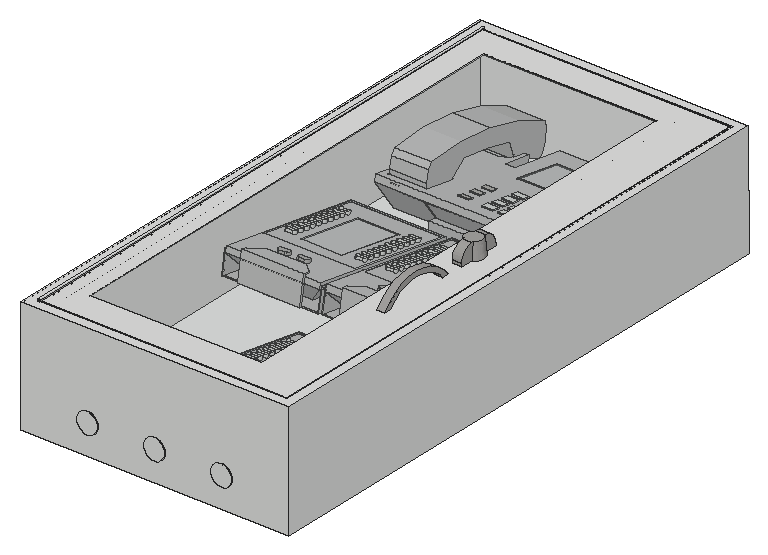
Revit family "Electronics_Communication_Talkaphone_AOR-120-Station-IP-Command-Unit", category Telephone Devices, host Face, Revit 2020
Family settings
  Host = Face
  Maintain Annotation Orientation = No
  Round Connector Dimension = Use Diameter
  Part Type = Normal
  OmniClass Number = 23.37.27.17
  OmniClass Title = Emergency Call Equipment
  Cut with Voids When Loaded = No
  Shared = No
  Room Calculation Point = No
Parameters (values of type "120-Station IP Command Unit")
  Wiring = "Minimum Cat5e. If required, fire resistive CI/CIC Ethernet cable is supported."
  Width = 14.00"  # constant formula
  Warranty = "5-year limited warranty"
  Voltage = 120 V  # constant formula
  URL = "https://www.talkaphone.com/"
  Supervision Relay = "IP Supervisor (Model AOR-IP-SUP) provides an SPST (Form 1A) output. UPS Supervisor (Model AOR-IP-UPS-SUP) provides a DPDT (Form C) output."
  Programming = "Programming and configuration through a web browser (web GUI). All programming is stored on non-volatile flash memory."
  Product data url = "https://www.bimobject.com/talkaphone/product/aor-ip-120-cu_area-of-rescue-120-station-ip-command-unit"
  Product Material = Talkaphone - Steel - White
  Product Guid = "dbafcfe0-156d-4e50-8b9a-a2d47005f49f"
  Power Source = "120VAC, 65W. IP Command Unit, IP Supervisor, and UPS Supervisor receive power from external UPS (120VAC)."
  Visible Door [instance] = yes
  Power Factor = 1
  Number of Poles = 1
  Mounting = "Flush mount with optional trim ring or surface mount"
  Model = "AOR-IP-120-CU"
  Manufacturer = "Talkaphone"  # constant formula
  Keynote = "27 30 00"
  Height = 30.00"  # constant formula
  Fault Monitoring = "IP Supervisor (Model AOR-IP-SUP) automatically and continuously monitors for network pathway integrity for the AOR IP Stations and IP Command Unit(s). UPS Supervisor (Model AOR-IP-UPS-SUP) automatically and continuously monitors the primary power source being supplied to the uninterruptible power supply (UPS) for an IP Supervisor and either an IP Command Unit or an IP Auxiliary Command Unit."
  Environment = "For indoor use"
  Edition number = 1
  Description = "THE AOR-IP SERIES IS AN IP-BASED SYSTEM ACCOMMODATING UP TO 120 ADA-COMPLIANT AREA OF RESCUE IP CALL STATIONS. THE SYSTEM OFFERS CAPABILITY FOR MULTIPLE IP COMMAND UNITS, ON-AND OFF-PREMISE COMMUNICATION, AND IP NETWORK SUPERVISION"
  Depth = 6.00"  # constant formula
  Default Elevation = 48.00"
  Construction = "18 gauge, painted steel enclosure with acrylic window"
  Connectivity = "Supports up to two (2) analog trunk (PSTN) lines or up to fifty (50) SIP trunk accounts (requires SIP service and Internet connectivity provided by others) for off-site communication"
  Connection = "RJ45 Ethernet"
  Communication = "IP Command Unit receives and selectively originates calls through built-in IP phone—providing an LCD and keys with LEDs to indicate IP Call Station line status (i.e. idle, ringing, or busy)."
  Call Station Options = "Indoor Flush Mount Model: AOR-IP-CSE-FM, Indoor Surface Mount Model: AOR-IP-CSE-SM"
  Assembly Code = "D5030300"
  Apparent Load = 0 VA
  AC Input Rating = "90 ~ 264 VAC, 50-60 Hz, 65W"
Reference planes (in)
  plane 1 "Center (Front/Back)": y = 0
  plane 2: z = 0
  plane 3 "Center (Left/Right)": x = 0
  plane 4: x = 7
  plane 5: x = -7
  plane 6: y = 15
  plane 7: y = -14.995
  plane 8: z = 0.54774
Forms (in)
  Extrusion 1, solid, material "Talkaphone - Steel - White" <- "Product Material"
    sketch origin (0, -5.00672, 0) x (-1, 0, 0) y (0, 0, -1)
      loop
        circle (3.5, -1.578) r 0.54578
      loop
        circle (0, -1.578) r 0.54578
      loop
        circle (-3.5, -1.578) r 0.54578
    from 9.952 to 10
  Extrusion 2, solid, material "Talkaphone - Steel - White" <- "Product Material"
    sketch origin (0, -12.58615, -9.95591) x (-1, 0, 0) y (0, -1, 0)
      loop
        circle (3.5, -1.578) r 0.54578
      loop
        circle (0, -1.578) r 0.54578
      loop
        circle (-3.5, -1.578) r 0.54578
    from 9.952 to 10
  Sweep 3, solid, material "Talkaphone - Steel - White" <- "Product Material"
    path origin (0, 0, 0) x (1, 0, 0) y (0, 1, 0)
      loop
        line (-7, 15) -> (-7, -15) -> (7, -15) -> (7, 15) -> (-7, 15)
    profile origin (0, 15, 0) x (0, 1, 0) y (0, 0, 1)
      loop
        line (-0.452, 5.503) -> (-0.452, 5.955) -> (-0.048, 5.955) -> (-0.048, 0) -> (0, 0) -> (0, 6.003) -> (-0.5, 6.003) -> (-0.5, 5.503) -> (-0.452, 5.503)
  Sweep 4, solid, material "Talkaphone - Steel - White" <- "Product Material"
    path origin (0, 0, 0) x (0, 1, 0) y (0, 0, 1)
      loop
        line (14.5, 5.373) -> (-14.5, 5.373)
    profile origin (0, 0, 5.373) x (0, 0, -1) y (1, 0, 0)
      loop
        line (-0.13, 6.5) -> (-0.048, 6.5) -> (-0.048, 5.998) -> (0, 5.998) -> (0, 6.548) -> (-0.13, 6.548) -> (-0.13, 6.5)
  Sweep 5, solid, material "Talkaphone - Steel - White" <- "Product Material", detail levels medium+fine
    path origin (0, 0, 0) x (0, 1, 0) y (0, 0, 1)
      loop
        line (14.5, 6.003) -> (-14.5, 6.003)
    profile origin (0, 0, 6.003) x (0, 0, -1) y (1, 0, 0)
      loop
        circle (-0.05093, -6.44306) r 0.05694
  Extrusion 6, solid, material "Talkaphone - Steel - White" <- "Product Material"
    sketch origin (0, 0, 0) x (1, 0, 0) y (0, 1, 0)
      loop
        line (-7, 15) -> (-7, -15) -> (7, -15) -> (7, 15) -> (-7, 15)
    from 0 to 0.59572
  Extrusion 7, solid, material "Talkaphone - Steel - White" <- "Product Material", detail levels medium+fine
    sketch origin (0, 0, 0) x (1, 0, 0) y (0, 1, 0)
      loop
        line (6.952, 11.825) -> (5.75, 11.825) -> (5.75, 8.875) -> (6.25523, 8.875) -> (6.25523, 8.325) -> (6.952, 8.325) -> (6.952, 11.825)
    from 1.25 to 3.75
  Extrusion 8, solid, material "Talkaphone - Plastic - Clear plastic", visible <- "Visible Door"
    sketch origin (-13.3426, -62.95536, 6.00398) x (-1, 0, 0) y (0, -1, 0)
      loop
        line (-7.58148, -76.76786) -> (-7.58148, -49.26786) -> (-17.83148, -49.26786) -> (-17.83148, -76.76786) -> (-7.58148, -76.76786)
    from -0.04 to -0.09
  Extrusion 9, solid, material "Talkaphone - Steel - White" <- "Product Material", visible <- "Visible Door"
    sketch origin (-13.3426, -62.95536, 6.00398) x (-1, 0, 0) y (0, -1, 0)
      loop
        line (-6.95648, -48.51786) -> (-19.80648, -48.51786) -> (-19.80648, -77.39286) -> (-6.95648, -77.39286) -> (-6.95648, -48.51786)
      loop
        line (-8.20648, -75.89286) -> (-8.20648, -50.14286) -> (-17.20648, -50.14286) -> (-17.20648, -75.89286) -> (-8.20648, -75.89286)
    from 0 to -0.04
  Revolve 10, solid, material "Talkaphone - Plastic - Grey_RAL 9007", visible <- "Visible Door", detail levels fine
    sketch origin (4.97748, 0.00002, 0) x (0, 1, 0) y (0, 0, 1)
      loop
        line (-0.375, 6.83745) -> (-0.375, 4.94278) -> (-0.15059, 4.94278) -> (-0.15059, 5.1398) -> (-0.00098, 5.1398) -> (-0.00098, 6.00398) -> (0.16657, 6.00398) -> (0.06842, 6.83745) -> (-0.375, 6.83745)
      axis (-0.375, 4.94278) -> (-0.375, 6.83745)
    angle from 0 to 360
  Sweep 11, solid, material "Talkaphone - Steel - White" <- "Product Material", visible <- "Visible Door"
    path origin (-13.3426, -62.95536, 6.00398) x (-1, 0, 0) y (0, -1, 0)
      loop
        line (-6.95648, -77.39286) -> (-6.95648, -48.51786) -> (-19.80648, -48.51786) -> (-19.80648, -77.39286) -> (-6.95648, -77.39286)
    profile origin (0.03888, 14.4375, 6.00398) x (0, 1, 0) y (0, 0, 1)
      loop
        line (-0.048, 0) -> (-0.048, -0.5) -> (0, -0.5) -> (0, 0) -> (-0.048, 0)
  Extrusion 12, solid, material "Talkaphone - Plastic - Grey_RAL 9007", visible <- "Visible Door", detail levels fine
    sketch origin (0, -2.95536, 0) x (0, 1, 0) y (0, 0, 1)
      loop
        line (1.48978, 6.00398) -> (3.67097, 6.00398) -> (3.67097, 6.12912)
        arc (3.67097, 6.12912) -> (3.48481, 6.60885) -> (3.0238, 6.83745) r 0.71121
        line (3.0238, 6.83745) -> (2.13696, 6.83745)
        arc (2.13696, 6.83745) -> (1.67594, 6.60885) -> (1.48978, 6.12912) r 0.71121
        line (1.48978, 6.12912) -> (1.48978, 6.00398)
    from 4.7338 to 5.22872
  Extrusion 13, solid, material "Talkaphone - Plastic - Grey_RAL 9007", visible <- "Visible Door", detail levels fine
    sketch origin (-13.3426, -62.95536, 6.00398) x (-1, 0, 0) y (0, -1, 0)
      loop
        line (-20.10977, -62.98386) -> (-18.68983, -62.98386) -> (-18.29142, -62.95329)
        arc (-18.29142, -62.95329) -> (-17.94606, -62.58036) -> (-18.29146, -62.20746) r 0.37402
        line (-18.29146, -62.20746) -> (-18.68983, -62.17689) -> (-20.10977, -62.17689) -> (-20.10977, -62.98386)
    from -0.86417 to -0.70669
  Extrusion 14, solid, material "Talkaphone - Plastic - Grey_RAL 9007", visible <- "Visible Door", detail levels fine
    sketch origin (0, -2.95536, 0) x (0, 1, 0) y (0, 0, 1)
      loop
        line (-3.50691, 6.00194) -> (-3.17594, 6.00194)
        arc (-3.17594, 6.00194) -> (-1.42923, 6.80339) -> (0.31747, 6.00194) r 2.30414
        line (0.31747, 6.00194) -> (0.64844, 6.00194)
        arc (0.64844, 6.00194) -> (-1.42923, 7.06339) -> (-3.50691, 6.00194) r 2.56414
    from 4.78629 to 5.18536
Cuts and joins
  joined: Revolve 10, Extrusion 12
  joined: Extrusion 9, Sweep 11
  joined: Sweep 3, Extrusion 6
Lines and regions (in)
  Masking region 1
    outline origin (0, 0, 0) x (1, 0, 0) y (0, 0, 1)
      loop
        line (-7, 6.003) -> (-7, 0) -> (7, 0) -> (7, 6.003) -> (-7, 6.003)
  Masking region 2, visible <- "Visible Door", detail levels medium+fine
    outline origin (0, 0, 0) x (1, 0, 0) y (0, 0, 1)
      loop
        line (4.78629, 6.003) -> (5.18536, 6.003) -> (5.18536, 7.06339) -> (4.78629, 7.06339) -> (4.78629, 6.003)
  Masking region 3, visible <- "Visible Door", detail levels medium+fine
    outline origin (0, 0, 0) x (1, 0, 0) y (0, 0, 1)
      loop
        line (4.78629, 6.83858) -> (4.53475, 6.83858) -> (4.4249, 6.003) -> (4.78629, 6.003) -> (4.78629, 6.83858)
      loop
        line (5.18536, 6.83858) -> (5.18536, 6.003) -> (5.54441, 6.003) -> (5.43456, 6.83858) -> (5.18536, 6.83858)
Dimensions and locks (in)
  equal spacing: plane 5, plane 3 "Center (Left/Right)", plane 4
  locked: plane 5 to plane 4 at 14
  plane 6 to plane 1 "Center (Front/Back)" to plane 7 = 15.00" locked, 14.995" locked
  Sweep 3 sketch curve to Sweep 3 sketch curve to Sweep 3 sketch curve = 0.048" locked, 0.452" locked
  Sweep 3 sketch curve to Sweep 3 sketch curve to Sweep 3 sketch curve = 0.404" locked, 0.048" locked
  Sweep 4 sketch curve to Sweep 4 sketch curve to profile plane = 0.082" locked, 0.048" locked
  Sweep 4 sketch curve to Sweep 4 sketch curve to Sweep 4 sketch curve = 0.048" locked, 0.502" locked
  aligned and locked: plane 2 to host face
  aligned and locked: level to host face
  aligned and locked: plane 2 to Masking region 1 sketch curve
  aligned and locked: plane 5 to Masking region 1 sketch curve
  aligned and locked: Masking region 1 sketch curve to plane 4
  aligned and locked: Sweep 4 sketch curve to profile plane
Automatic sketch dimensions
  host sketch curve to host sketch curve = 96.00"  (x2)
  plane 8 to Masking region 1 sketch curve = 5.45526"
  Extrusion 1 sketch curve to plane 3 "Center (Left/Right)" = 0.00"
  Extrusion 1 sketch curve to plane 3 "Center (Left/Right)" = 3.50"
  Extrusion 1 sketch curve to Extrusion 1 sketch curve = 3.50"
  Extrusion 1 sketch curve to plane 8 = 1.03026"
  Extrusion 1 sketch curve to Extrusion 1 sketch curve = 0.00"  (x2)
  Extrusion 2 sketch curve to plane 3 "Center (Left/Right)" = 0.00"
  plane 3 "Center (Left/Right)" to Extrusion 2 sketch curve = 3.50"
  Extrusion 2 sketch curve to Extrusion 2 sketch curve = 3.50"
  plane 7 to Extrusion 2 sketch curve = 3.98685"
  Extrusion 2 sketch curve to Extrusion 2 sketch curve = 0.00"  (x2)
  Sweep 3 sketch curve to plane 5 = 0.00"
  Sweep 3 sketch curve to plane 4 = 0.00"
  Sweep 3 sketch curve to plane 6 = 0.00"
  Sweep 3 sketch curve to plane 7 = 0.005"
  Sweep 3 sketch curve to profile plane = 0.00"  (x2)
  Sweep 3 sketch curve to Sweep 3 sketch curve = 0.048"
  profile plane to Sweep 3 sketch curve = 5.503"
  plane 7 to Sweep 4 sketch curve = 0.495"
  plane 8 to Sweep 4 sketch curve = 4.82526"
  Sweep 4 sketch curve to plane 6 = 0.50"
  profile plane to Sweep 4 sketch curve = 5.998"
  plane 7 to Sweep 5 sketch curve = 0.495"
  plane 8 to Sweep 5 sketch curve = 5.45526"
  Sweep 5 sketch curve to plane 6 = 0.50"
  profile plane to Sweep 5 sketch curve = 0.05093"
  Sweep 5 sketch curve to profile plane = 6.44306"
  Extrusion 6 sketch curve to plane 5 = 0.00"
  Extrusion 6 sketch curve to plane 4 = 0.00"
  Extrusion 6 sketch curve to plane 6 = 0.00"
  Extrusion 6 sketch curve to plane 7 = 0.005"
  Extrusion 7 sketch curve to plane 4 = 1.25"
  Extrusion 7 sketch curve to Extrusion 7 sketch curve = 0.50523"
  Extrusion 7 sketch curve to plane 4 = 0.048"
  Extrusion 7 sketch curve to plane 6 = 6.675"
  Extrusion 7 sketch curve to Extrusion 7 sketch curve = 0.55"
  Extrusion 7 sketch curve to Extrusion 7 sketch curve = 2.95"
  Extrusion 8 sketch curve to plane 4 = 2.51112"
  plane 5 to Extrusion 8 sketch curve = 1.23888"
  Extrusion 8 sketch curve to plane 6 = 1.1875"
  plane 7 to Extrusion 8 sketch curve = 1.3075"
  Extrusion 9 sketch curve to plane 4 = 0.53612"
  Extrusion 9 sketch curve to plane 6 = 2.0625"
  Extrusion 9 sketch curve to Extrusion 9 sketch curve = 2.60"
  plane 5 to Extrusion 9 sketch curve = 1.86388"
  plane 5 to Extrusion 9 sketch curve = 0.61388"
  Extrusion 9 sketch curve to Extrusion 9 sketch curve = 1.50"
  plane 7 to Extrusion 9 sketch curve = 2.1825"
  Extrusion 9 sketch curve to Extrusion 9 sketch curve = 1.625"
  level to Revolve 10 sketch curve = 6.00398"
  plane 8 to Revolve 10 sketch curve = 6.28971"
  plane 1 "Center (Front/Back)" to Revolve 10 sketch curve = 0.37498"
  Revolve 10 sketch curve to Revolve 10 sketch curve = 0.22441"
  Revolve 10 sketch curve to Revolve 10 sketch curve = 0.14961"
  Revolve 10 sketch curve to Revolve 10 sketch curve = 0.44342"
  Revolve 10 sketch curve to Revolve 10 sketch curve = 0.16755"
  Revolve 10 sketch curve to Revolve 10 sketch curve = 0.86417"
  Revolve 10 sketch curve to Revolve 10 sketch curve = 0.19702"
  level to Revolve 10 sketch curve = 6.08523"
  Revolve 10 sketch curve to Revolve 10 sketch curve = 0.37402"
  plane 8 to Revolve 10 sketch curve = 5.89072"
  Sweep 11 sketch curve to plane 4 = 0.53612"
  plane 5 to Sweep 11 sketch curve = 0.61388"
  Sweep 11 sketch curve to plane 6 = 0.5625"
  plane 7 to Sweep 11 sketch curve = 0.5575"
  Sweep 11 sketch curve to profile plane = 0.00"  (x2)
  Sweep 11 sketch curve to Sweep 11 sketch curve = 0.048"
  Sweep 11 sketch curve to Sweep 11 sketch curve = 0.50"
  level to Extrusion 12 sketch curve = 6.00398"
  level to Extrusion 12 sketch curve = 6.12912"  (x2)
  plane 1 "Center (Front/Back)" to Extrusion 12 sketch curve = 1.46557"
  plane 8 to Extrusion 12 sketch curve = 6.28971"
  Extrusion 12 sketch curve to Extrusion 12 sketch curve = 0.64717"
  Extrusion 12 sketch curve to Extrusion 12 sketch curve = 0.75876"
  Extrusion 12 sketch curve to Extrusion 12 sketch curve = 0.06404"
  Extrusion 13 sketch curve to plane 4 = 0.23283"
  Extrusion 13 sketch curve to Extrusion 13 sketch curve = 1.41994"
  Extrusion 13 sketch curve to Extrusion 13 sketch curve = 0.00"
  Extrusion 13 sketch curve to Extrusion 13 sketch curve = 0.36975"
  Extrusion 13 sketch curve to Extrusion 13 sketch curve = 0.02861"  (x2)
  Extrusion 13 sketch curve to plane 1 "Center (Front/Back)" = 0.02851"
  Extrusion 13 sketch curve to Extrusion 13 sketch curve = 0.40348"
  Extrusion 13 sketch curve to Extrusion 13 sketch curve = 0.37292"
  Extrusion 13 sketch curve to Extrusion 13 sketch curve = 0.80697"
  Extrusion 13 sketch curve to Extrusion 13 sketch curve = 0.00004"
  Extrusion 14 sketch curve to Extrusion 14 sketch curve = 0.00"  (x2)
  level to Extrusion 14 sketch curve = 6.00194"  (x2)
  plane 1 "Center (Front/Back)" to Extrusion 14 sketch curve = 6.46226"
  Extrusion 14 sketch curve to Extrusion 14 sketch curve = 0.33097"
  plane 1 "Center (Front/Back)" to Extrusion 14 sketch curve = 4.38459"
  level to Extrusion 14 sketch curve = 4.49924"
  Masking region 2 sketch curve to plane 4 = 2.21371"
  Masking region 2 sketch curve to Masking region 2 sketch curve = 0.39907"
  plane 8 to Masking region 2 sketch curve = 5.45526"
  Masking region 2 sketch curve to Masking region 2 sketch curve = 1.06039"
  Masking region 3 sketch curve to plane 4 = 2.5751"
  Masking region 3 sketch curve to Masking region 3 sketch curve = 0.10985"
  Masking region 3 sketch curve to Masking region 3 sketch curve = 0.36139"
  Masking region 3 sketch curve to Masking region 3 sketch curve = 0.39907"
  Masking region 3 sketch curve to Masking region 3 sketch curve = 0.2492"
  Masking region 3 sketch curve to Masking region 3 sketch curve = 0.35905"
  plane 8 to Masking region 3 sketch curve = 5.45526"
  Masking region 3 sketch curve to Masking region 3 sketch curve = 0.00"  (x2)
  Masking region 3 sketch curve to Masking region 3 sketch curve = 0.83558"
  radius of Extrusion 1 sketch curve = 0.54578"  (x3)
  radius of Extrusion 2 sketch curve = 0.54578"  (x3)
  radius of Sweep 5 sketch curve = 0.05694"
Nested families (in)
  nested 1: "Panel" at (2.00219, 0.25658, 0.59572), type "Panel"
    with Screen material Talkaphone - Plastic - Clear plastic, Panel box material Talkaphone - Plastic - Grey_RAL 9006, Key 2 material Talkaphone - Plastic - Grey_RAL 9007, Key 1 material Talkaphone - Plastic - Grey_RAL 7035, Frame material Talkaphone - Plastic - Grey_RAL 9006
  nested 2: "Phone" at (-0.09398, 9.63829, 0.59572), type "Phone"
    with Screen material Talkaphone - Plastic - Clear plastic, Phone material Talkaphone - Plastic - Grey_RAL 9006, Key 2 material Talkaphone - Plastic - Grey_RAL 9007, Key 1 material Talkaphone - Plastic - Grey_RAL 7035
  nested 3: "Panel" at (-3.25, 0.25658, 0.54847), type "Panel"
    with Screen material Talkaphone - Plastic - Clear plastic, Panel box material Talkaphone - Plastic - Grey_RAL 9006, Key 2 material Talkaphone - Plastic - Grey_RAL 9007, Key 1 material Talkaphone - Plastic - Grey_RAL 7035, Frame material Talkaphone - Plastic - Grey_RAL 9006
  nested 4: "Panel" at (2.00219, -9.74289, 0.60372), type "Panel"
    with Screen material Talkaphone - Plastic - Clear plastic, Panel box material Talkaphone - Plastic - Grey_RAL 9006, Key 2 material Talkaphone - Plastic - Grey_RAL 9007, Key 1 material Talkaphone - Plastic - Grey_RAL 7035, Frame material Talkaphone - Plastic - Grey_RAL 9006
Connectors (in)
  electrical at (0.59055, 8.33052, 0.59572)
    settings: on nested 2, index 3, voltage 0 V, apparent load 0 VA, apparent load phase1 0 VA, apparent load phase2 0 VA, apparent load phase3 0 VA, power factor 1, load classification "Other", number of poles 1, system type 14, power factor state 1, is connector primary no, connector utility no, sub classification motor no, connector description "Communication Connector"
  electrical at (0, 0, 0), driven by "Apparent Load", driven by "Apparent Load", driven by "Apparent Load", driven by "Number of Poles", driven by "Voltage", driven by "Power Factor"
    settings: on cut or joined group of Sweep 3, Extrusion 6, index 4, voltage 120 V, apparent load 0 VA, apparent load phase1 0 VA, apparent load phase2 0 VA, apparent load phase3 0 VA, power factor 1, load classification "Power", number of poles 1, system type 31, power factor state 1, is connector primary yes, connector utility no, sub classification motor no, connector description "Power Connector"
Definition of nested family "Panel"
  Parameters (values of type "Panel")
    Screen material [instance] = none
    Panel box material [instance] = none
    Key 2 material [instance] = none
    Key 1 material [instance] = none
    Frame material [instance] = none
    Default Elevation = 48.00"
  Reference planes (in)
    plane 1 "Center (Front/Back)": y = 0
    plane 2: z = 0
    plane 3 "Center (Left/Right)": x = 0
  Forms (in)
    Extrusion 1, solid, material <- "Panel box material", detail levels medium+fine
      sketch origin (-15.87299, 8.07746, -6.96779) x (1, 0, 0) y (0, 0.985055, -0.17224)
        loop
          line (18.33362, -4.83883) -> (13.41236, -4.83883) -> (13.41236, -13.10654) -> (18.33362, -13.10654) -> (18.33362, -4.83883)
      from 7.83742 to 8.17526
    Blend 2, solid, material <- "Panel box material", detail levels medium+fine
      base sketch origin (-15.87299, 8.07746, -6.96779) x (1, 0, 0) y (0, 0.985055, -0.17224)
        loop
          line (14.39661, -5.82308) -> (14.39661, -12.12229) -> (17.34937, -12.12229) -> (17.34937, -5.82308) -> (14.39661, -5.82308)
      top sketch origin (-15.87299, 8.07746, -6.96779) x (1, 0, 0) y (0, 0.985055, -0.17224)
        loop
          line (18.33362, -4.83883) -> (13.41236, -4.83883) -> (13.41236, -13.10654) -> (18.33362, -13.10654) -> (18.33362, -4.83883)
      from 6.85997 to 7.83742
    Extrusion 3, void
      sketch origin (-15.87299, 8.07746, -6.96779) x (1, 0, 0) y (0, 0.985055, -0.17224)
        loop
          line (13.47142, -10.73521) -> (18.27457, -10.73521) -> (18.27457, -4.90844) -> (13.47142, -4.90844) -> (13.47142, -10.73521)
      from 8.13715 to 8.26759
    Extrusion 4, solid, material <- "Key 2 material", detail levels fine
      sketch origin (-15.87299, 8.07746, -6.96779) x (1, 0, 0) y (0, 0.985055, -0.17224)
        loop
          line (15.51118, -11.5908) -> (15.21118, -11.5908)
          arc (15.21118, -11.5908) -> (15.0537, -11.74828) -> (15.21118, -11.90576) r 0.15748
          line (15.21118, -11.90576) -> (15.51118, -11.90576)
          arc (15.51118, -11.90576) -> (15.66866, -11.74828) -> (15.51118, -11.5908) r 0.15748
        loop
          line (16.2348, -11.90576) -> (16.5348, -11.90576)
          arc (16.5348, -11.90576) -> (16.69228, -11.74828) -> (16.5348, -11.5908) r 0.15748
          line (16.5348, -11.5908) -> (16.2348, -11.5908)
          arc (16.2348, -11.5908) -> (16.07732, -11.74828) -> (16.2348, -11.90576) r 0.15748
      from 8.17652 to 8.30152
    Extrusion 5, void
      sketch origin (-15.87299, 8.07746, -6.96779) x (1, 0, 0) y (0, 0.985055, -0.17224)
        loop
          line (14.79031, -6.13804) -> (14.79031, -9.91773) -> (16.95567, -9.91773) -> (16.95567, -6.13804) -> (14.79031, -6.13804)
      from 8.11672 to 8.26215
    Extrusion 6, solid, material <- "Frame material", detail levels medium+fine
      sketch origin (-15.87299, 8.07746, -6.96779) x (1, 0, 0) y (0, 0.985055, -0.17224)
        loop
          line (14.74799, -11.40454) -> (16.99799, -11.40454) -> (16.99799, -8.40454) -> (14.74799, -8.40454) -> (14.74799, -11.40454)
        loop
          line (18.37299, -13.07654) -> (18.37299, -10.32654) -> (17.49799, -10.32654) -> (17.49799, -10.15559) -> (17.44999, -10.15559) -> (17.44999, -5.65454) -> (14.29599, -5.65454) -> (14.29599, -10.15559) -> (14.24799, -10.15559) -> (14.24799, -10.32654) -> (13.37299, -10.32654) -> (13.37299, -13.07654) -> (18.37299, -13.07654)
      from 6.80962 to 6.85762
    Extrusion 7, solid, material <- "Frame material", detail levels medium+fine
      sketch origin (-15.87299, 8.07746, -6.96779) x (0, 0.985055, -0.17224) y (0, 0.17224, 0.985055)
        loop
          line (-13.15454, 8.30962) -> (-13.15454, 6.80962) -> (-13.10654, 6.80962) -> (-13.10654, 8.26162) -> (-12.27954, 8.26162) -> (-12.27954, 8.30962) -> (-13.15454, 8.30962)
      from 14.24799 to 17.49799
    Extrusion 8, void
      sketch origin (-15.87299, 8.07746, -6.96779) x (1, 0, 0) y (0, 0.985055, -0.17224)
        loop
          line (14.20562, -12.91373) -> (14.88988, -12.22946) -> (16.8561, -12.22946) -> (17.55207, -12.92543) -> (17.55207, -12.13803) -> (14.20562, -12.13803) -> (14.20562, -12.91373)
      from 8.22357 to 8.34912
    Extrusion 9, solid, material <- "Frame material", detail levels medium+fine
      sketch origin (15.87299, 8.07746, -6.96779) x (-1, 0, 0) y (0, -0.17224, -0.985055)
        loop
          line (18.42099, -8.05962) -> (18.42099, -6.80962) -> (18.37299, -6.80962) -> (18.37299, -8.05962) -> (18.42099, -8.05962)
      from 13.07654 to 10.32654
    Extrusion 10, solid, material <- "Key 1 material", detail levels fine
      sketch origin (-15.87299, 8.07896, -6.96826) x (1, 0, 0) y (0, 0.985049, -0.172273)
        loop
          line (14.21728, -5.97898) -> (13.86728, -5.97898)
          arc (13.86728, -5.97898) -> (13.76728, -6.07898) -> (13.86728, -6.17898) r 0.1
          line (13.86728, -6.17898) -> (14.21728, -6.17898)
          arc (14.21728, -6.17898) -> (14.31728, -6.07898) -> (14.21728, -5.97898) r 0.1
        loop
          line (14.21728, -6.37269) -> (13.86728, -6.37269)
          arc (13.86728, -6.37269) -> (13.76728, -6.47269) -> (13.86728, -6.57269) r 0.1
          line (13.86728, -6.57269) -> (14.21728, -6.57269)
          arc (14.21728, -6.57269) -> (14.31728, -6.47269) -> (14.21728, -6.37269) r 0.1
        loop
          line (14.21728, -6.76639) -> (13.86728, -6.76639)
          arc (13.86728, -6.76639) -> (13.76728, -6.86639) -> (13.86728, -6.96639) r 0.1
          line (13.86728, -6.96639) -> (14.21728, -6.96639)
          arc (14.21728, -6.96639) -> (14.31728, -6.86639) -> (14.21728, -6.76639) r 0.1
        loop
          line (14.21728, -7.16009) -> (13.86728, -7.16009)
          arc (13.86728, -7.16009) -> (13.76728, -7.26009) -> (13.86728, -7.36009) r 0.1
          line (13.86728, -7.36009) -> (14.21728, -7.36009)
          arc (14.21728, -7.36009) -> (14.31728, -7.26009) -> (14.21728, -7.16009) r 0.1
        loop
          line (14.21728, -7.55379) -> (13.86728, -7.55379)
          arc (13.86728, -7.55379) -> (13.76728, -7.65379) -> (13.86728, -7.75379) r 0.1
          line (13.86728, -7.75379) -> (14.21728, -7.75379)
          arc (14.21728, -7.75379) -> (14.31728, -7.65379) -> (14.21728, -7.55379) r 0.1
        loop
          line (14.21728, -7.94749) -> (13.86728, -7.94749)
          arc (13.86728, -7.94749) -> (13.76728, -8.04749) -> (13.86728, -8.14749) r 0.1
          line (13.86728, -8.14749) -> (14.21728, -8.14749)
          arc (14.21728, -8.14749) -> (14.31728, -8.04749) -> (14.21728, -7.94749) r 0.1
        loop
          line (14.21728, -8.34119) -> (13.86728, -8.34119)
          arc (13.86728, -8.34119) -> (13.76728, -8.44119) -> (13.86728, -8.54119) r 0.1
          line (13.86728, -8.54119) -> (14.21728, -8.54119)
          arc (14.21728, -8.54119) -> (14.31728, -8.44119) -> (14.21728, -8.34119) r 0.1
        loop
          line (14.21728, -8.73489) -> (13.86728, -8.73489)
          arc (13.86728, -8.73489) -> (13.76728, -8.83489) -> (13.86728, -8.93489) r 0.1
          line (13.86728, -8.93489) -> (14.21728, -8.93489)
          arc (14.21728, -8.93489) -> (14.31728, -8.83489) -> (14.21728, -8.73489) r 0.1
        loop
          line (14.21728, -9.12859) -> (13.86728, -9.12859)
          arc (13.86728, -9.12859) -> (13.76728, -9.22859) -> (13.86728, -9.32859) r 0.1
          line (13.86728, -9.32859) -> (14.21728, -9.32859)
          arc (14.21728, -9.32859) -> (14.31728, -9.22859) -> (14.21728, -9.12859) r 0.1
        loop
          line (14.21728, -9.52229) -> (13.86728, -9.52229)
          arc (13.86728, -9.52229) -> (13.76728, -9.62229) -> (13.86728, -9.72229) r 0.1
          line (13.86728, -9.72229) -> (14.21728, -9.72229)
          arc (14.21728, -9.72229) -> (14.31728, -9.62229) -> (14.21728, -9.52229) r 0.1
        loop
          line (17.86999, -5.97898) -> (17.51999, -5.97898)
          arc (17.51999, -5.97898) -> (17.41999, -6.07898) -> (17.51999, -6.17898) r 0.1
          line (17.51999, -6.17898) -> (17.86999, -6.17898)
          arc (17.86999, -6.17898) -> (17.96999, -6.07898) -> (17.86999, -5.97898) r 0.1
        loop
          line (17.86999, -6.37269) -> (17.51999, -6.37269)
          arc (17.51999, -6.37269) -> (17.41999, -6.47269) -> (17.51999, -6.57269) r 0.1
          line (17.51999, -6.57269) -> (17.86999, -6.57269)
          arc (17.86999, -6.57269) -> (17.96999, -6.47269) -> (17.86999, -6.37269) r 0.1
        loop
          line (17.86999, -6.76639) -> (17.51999, -6.76639)
          arc (17.51999, -6.76639) -> (17.41999, -6.86639) -> (17.51999, -6.96639) r 0.1
          line (17.51999, -6.96639) -> (17.86999, -6.96639)
          arc (17.86999, -6.96639) -> (17.96999, -6.86639) -> (17.86999, -6.76639) r 0.1
        loop
          line (17.86999, -7.16009) -> (17.51999, -7.16009)
          arc (17.51999, -7.16009) -> (17.41999, -7.26009) -> (17.51999, -7.36009) r 0.1
          line (17.51999, -7.36009) -> (17.86999, -7.36009)
          arc (17.86999, -7.36009) -> (17.96999, -7.26009) -> (17.86999, -7.16009) r 0.1
        loop
          line (17.86999, -7.55379) -> (17.51999, -7.55379)
          arc (17.51999, -7.55379) -> (17.41999, -7.65379) -> (17.51999, -7.75379) r 0.1
          line (17.51999, -7.75379) -> (17.86999, -7.75379)
          arc (17.86999, -7.75379) -> (17.96999, -7.65379) -> (17.86999, -7.55379) r 0.1
        loop
          line (17.86999, -7.94749) -> (17.51999, -7.94749)
          arc (17.51999, -7.94749) -> (17.41999, -8.04749) -> (17.51999, -8.14749) r 0.1
          line (17.51999, -8.14749) -> (17.86999, -8.14749)
          arc (17.86999, -8.14749) -> (17.96999, -8.04749) -> (17.86999, -7.94749) r 0.1
        loop
          line (17.86999, -8.34119) -> (17.51999, -8.34119)
          arc (17.51999, -8.34119) -> (17.41999, -8.44119) -> (17.51999, -8.54119) r 0.1
          line (17.51999, -8.54119) -> (17.86999, -8.54119)
          arc (17.86999, -8.54119) -> (17.96999, -8.44119) -> (17.86999, -8.34119) r 0.1
        loop
          line (17.86999, -8.73489) -> (17.51999, -8.73489)
          arc (17.51999, -8.73489) -> (17.41999, -8.83489) -> (17.51999, -8.93489) r 0.1
          line (17.51999, -8.93489) -> (17.86999, -8.93489)
          arc (17.86999, -8.93489) -> (17.96999, -8.83489) -> (17.86999, -8.73489) r 0.1
        loop
          line (17.86999, -9.12859) -> (17.51999, -9.12859)
          arc (17.51999, -9.12859) -> (17.41999, -9.22859) -> (17.51999, -9.32859) r 0.1
          line (17.51999, -9.32859) -> (17.86999, -9.32859)
          arc (17.86999, -9.32859) -> (17.96999, -9.22859) -> (17.86999, -9.12859) r 0.1
        loop
          line (17.86999, -9.52229) -> (17.51999, -9.52229)
          arc (17.51999, -9.52229) -> (17.41999, -9.62229) -> (17.51999, -9.72229) r 0.1
          line (17.51999, -9.72229) -> (17.86999, -9.72229)
          arc (17.86999, -9.72229) -> (17.96999, -9.62229) -> (17.86999, -9.52229) r 0.1
      from 8.13715 to 8.26215
    Extrusion 11, solid, material <- "Frame material", detail levels medium+fine
      sketch origin (0, 0, 0) x (1, 0, 0) y (0, 0, 1)
        loop
          line (1.577, 0.048) -> (1.577, 0) -> (2.452, 0) -> (2.452, 0.048) -> (1.577, 0.048)
      from -3.56386 to 1.00547
    Extrusion 12, solid, material <- "Frame material", detail levels medium+fine
      sketch origin (0, 0, 0) x (-1, 0, 0) y (0, 0, -1)
        loop
          line (1.577, -0.048) -> (2.452, -0.048) -> (2.452, 0) -> (1.577, 0) -> (1.577, -0.048)
      from -3.56386 to 1.00547
    Extrusion 13, solid, material <- "Frame material", detail levels medium+fine
      sketch origin (-15.87299, 8.07746, -6.96779) x (1, 0, 0) y (0, 0.17224, 0.985055)
        loop
          line (18.42099, 8.05962) -> (18.37299, 8.05962) -> (18.37299, 6.80962) -> (18.42099, 6.80962) -> (18.42099, 8.05962)
      from 13.07654 to 10.32654
    Extrusion 14, solid, material <- "Frame material", detail levels medium+fine
      sketch origin (0, 0, 0) x (0, 1, 0) y (0, 0, 1)
        loop
          line (-1.00547, 0.048) -> (3.56386, 0.048) -> (3.68858, 0.76128) -> (-0.74519, 1.53654) -> (-1.00547, 0.048)
      from 1.577 to 1.625
    Extrusion 15, solid, material <- "Frame material", detail levels medium+fine
      sketch origin (0, 0, 0) x (0, 1, 0) y (0, 0, -1)
        loop
          line (-1.00547, -0.048) -> (-0.74519, -1.53654) -> (3.68858, -0.76128) -> (3.56386, -0.048) -> (-1.00547, -0.048)
      from 1.577 to 1.625
  Cuts and joins
    Extrusion 3, Extrusion 5 cuts Extrusion 1
    Extrusion 8 cuts Extrusion 7
  Dimensions and locks (in)
    aligned and locked: level to plane 2
Definition of nested family "Phone"
  Parameters (values of type "Phone")
    Screen material [instance] = none
    Phone material [instance] = none
    Key 2 material [instance] = none
    Key 1 material [instance] = none
    Default Elevation = 48.00"
  Reference planes (in)
    plane 1 "Center (Front/Back)": y = 0
    plane 2: z = 0
    plane 3 "Center (Left/Right)": x = 0
  Forms (in)
    Extrusion 1, solid, material <- "Phone material", detail levels medium+fine
      sketch origin (-13.77953, -1.31127, -6.97425) x (1, 0, 0) y (0, 0.984795, -0.173718)
        loop
          line (18.05118, 3.79819) -> (12.06693, 3.79819) -> (12.06693, 0.84543) -> (11.55512, 0.84543) -> (11.55512, 2.42024) -> (11.29606, 2.42024) -> (11.29606, 1.73913)
          arc (11.29606, 1.73913) -> (11.14962, 1.38558) -> (10.79606, 1.23913) r 0.5
          line (10.79606, 1.23913) -> (9.79606, 1.23913)
          arc (9.79606, 1.23913) -> (9.44251, 1.38558) -> (9.29606, 1.73913) r 0.5
          line (9.29606, 1.73913) -> (9.29606, 2.42199) -> (8.99606, 2.42199) -> (8.99606, -4.46953) -> (18.56299, -4.46953) -> (18.56299, 0.84543) -> (18.05118, 0.84543) -> (18.05118, 3.79819)
        loop
          line (9.29606, -2.30417) -> (9.29606, -4.07583) -> (11.29606, -4.07583) -> (11.29606, -2.30417) -> (9.29606, -2.30417)
      from 9.08241 to 9.4559
    Blend 2, solid, material <- "Phone material", detail levels medium+fine
      base sketch origin (-13.77953, -1.31127, -6.97425) x (1, 0, 0) y (0, 0.984795, -0.173718)
        loop
          line (13.01693, 2.84819) -> (13.01693, 0.84543) -> (17.10118, 0.84543) -> (17.10118, 2.84819) -> (13.01693, 2.84819)
      top sketch origin (-13.77953, -1.31127, -6.97425) x (1, 0, 0) y (0, 0.984795, -0.173718)
        loop
          line (18.05118, 3.79819) -> (12.06693, 3.79819) -> (12.06693, 0.84543) -> (18.05118, 0.84543) -> (18.05118, 3.79819)
      from 8.13395 to 9.08241
    Blend 3, solid, material <- "Phone material", detail levels medium+fine
      base sketch origin (-13.77953, -1.31127, -6.97425) x (1, 0, 0) y (0, 0.984795, -0.173718)
        loop
          line (17.61299, -3.52071) -> (17.61299, 0.84543) -> (11.55512, 0.84543) -> (11.55512, -3.52071) -> (17.61299, -3.52071)
      top sketch origin (-13.77953, -1.31127, -6.97425) x (1, 0, 0) y (0, 0.984795, -0.173718)
        loop
          line (18.56299, 0.84543) -> (11.55512, 0.84543) -> (11.55512, -4.46953) -> (18.56299, -4.46953) -> (18.56299, 0.84543)
      from 8.13395 to 9.08241
    Blend 4, solid, material <- "Phone material", detail levels medium+fine
      base sketch origin (-13.77953, -1.31127, -6.97425) x (1, 0, 0) y (0, 0.984795, -0.173718)
        loop
          line (8.99606, 0.92024) -> (8.99606, -2.96953) -> (11.55512, -2.96953) -> (11.55512, 0.92024) -> (8.99606, 0.92024)
      top sketch origin (-13.77953, -1.31127, -6.97425) x (1, 0, 0) y (0, 0.984795, -0.173718)
        loop
          line (8.99606, -4.46953) -> (11.55512, -4.46953) -> (11.55512, 2.42199) -> (8.99606, 2.42199) -> (8.99606, -4.46953)
      from 7.57698 to 9.08241
    Extrusion 5, solid, material <- "Key 1 material", detail levels fine
      sketch origin (-13.77953, -1.31127, -6.97425) x (1, 0, 0) y (0, 0.984795, -0.173718)
        loop
          line (14.48819, -1.31992) -> (13.89764, -1.31992) -> (13.89764, -1.71362) -> (14.48819, -1.71362) -> (14.48819, -1.31992)
        loop
          line (14.48819, -1.98921) -> (13.89764, -1.98921) -> (13.89764, -2.38291) -> (14.48819, -2.38291) -> (14.48819, -1.98921)
        loop
          line (14.48819, -2.6585) -> (13.89764, -2.6585) -> (13.89764, -3.0522) -> (14.48819, -3.0522) -> (14.48819, -2.6585)
        loop
          line (14.48819, -3.32779) -> (13.89764, -3.32779) -> (13.89764, -3.7215) -> (14.48819, -3.7215) -> (14.48819, -3.32779)
        loop
          line (14.76378, -3.7215) -> (15.35433, -3.7215) -> (15.35433, -3.32779) -> (14.76378, -3.32779) -> (14.76378, -3.7215)
        loop
          line (14.76378, -3.0522) -> (15.35433, -3.0522) -> (15.35433, -2.6585) -> (14.76378, -2.6585) -> (14.76378, -3.0522)
        loop
          line (14.76378, -2.38291) -> (15.35433, -2.38291) -> (15.35433, -1.98921) -> (14.76378, -1.98921) -> (14.76378, -2.38291)
        loop
          line (14.76378, -1.71362) -> (15.35433, -1.71362) -> (15.35433, -1.31992) -> (14.76378, -1.31992) -> (14.76378, -1.71362)
        loop
          line (16.22047, -1.31992) -> (15.62992, -1.31992) -> (15.62992, -1.71362) -> (16.22047, -1.71362) -> (16.22047, -1.31992)
        loop
          line (16.22047, -1.98921) -> (15.62992, -1.98921) -> (15.62992, -2.38291) -> (16.22047, -2.38291) -> (16.22047, -1.98921)
        loop
          line (16.22047, -2.6585) -> (15.62992, -2.6585) -> (15.62992, -3.0522) -> (16.22047, -3.0522) -> (16.22047, -2.6585)
        loop
          line (16.22047, -3.32779) -> (15.62992, -3.32779) -> (15.62992, -3.7215) -> (16.22047, -3.7215) -> (16.22047, -3.32779)
      from 9.4559 to 9.50114
    Extrusion 6, solid, material <- "Key 2 material", detail levels fine
      sketch origin (-13.77953, -1.31127, -6.97425) x (1, 0, 0) y (0, 0.984795, -0.173718)
        loop
          line (13.13976, -1.77268) -> (12.60827, -1.77268) -> (12.60827, -2.04827) -> (13.13976, -2.04827) -> (13.13976, -1.77268)
        loop
          line (13.13976, -2.56008) -> (12.60827, -2.56008) -> (12.60827, -2.83567) -> (13.13976, -2.83567) -> (13.13976, -2.56008)
        loop
          line (13.13976, -3.34748) -> (12.60827, -3.34748) -> (12.60827, -3.62307) -> (13.13976, -3.62307) -> (13.13976, -3.34748)
        loop
          line (17.47047, -1.77268) -> (16.93898, -1.77268) -> (16.93898, -2.04827) -> (17.47047, -2.04827) -> (17.47047, -1.77268)
        loop
          line (17.47047, -2.56008) -> (16.93898, -2.56008) -> (16.93898, -2.83567) -> (17.47047, -2.83567) -> (17.47047, -2.56008)
        loop
          line (17.47047, -3.34748) -> (16.93898, -3.34748) -> (16.93898, -3.62307) -> (17.47047, -3.62307) -> (17.47047, -3.34748)
      from 9.4559 to 9.50114
    Extrusion 7, void
      sketch origin (-13.77953, -1.31127, -6.97425) x (1, 0, 0) y (0, 0.984795, -0.173718)
        loop
          line (12.87368, 2.55903) -> (12.87368, -0.05003) -> (17.25439, -0.05003) -> (17.25439, 2.55903) -> (12.87368, 2.55903)
      from 9.40403 to 9.50114
    Extrusion 8, solid, material <- "Phone material", detail levels medium+fine
      sketch origin (-13.77953, -1.31127, -6.97425) x (0, 0.984795, -0.173718) y (0, 0.173718, 0.984795)
        loop
          arc (-0.13288, 11.17075) -> (-2.02473, 11.01801) -> (-3.87117, 10.57866) r 12.41369
          line (-3.87117, 10.57866) -> (-4.01795, 10.26389) -> (-4.01795, 9.6551) -> (-3.91038, 9.10171)
          arc (-3.91038, 9.10171) -> (-3.84693, 9.00856) -> (-3.73575, 8.99006) r 0.14338
          line (-3.73575, 8.99006) -> (-2.51867, 9.28666) -> (-1.66022, 10.20723)
          arc (-1.66022, 10.20723) -> (-0.8981, 10.28019) -> (-0.13288, 10.3046) r 12.05152
          arc (-0.13288, 10.3046) -> (0.62972, 10.28035) -> (1.38926, 10.20789) r 12.05152
          line (1.38926, 10.20789) -> (1.84111, 9.28148) -> (3.45846, 8.98081)
          arc (3.45846, 8.98081) -> (3.57719, 9.00175) -> (3.64461, 9.10171) r 0.15429
          line (3.64461, 9.10171) -> (3.75218, 9.6551) -> (3.75218, 10.26389) -> (3.60541, 10.57866)
          arc (3.60541, 10.57866) -> (1.75896, 11.01801) -> (-0.13288, 11.17075) r 12.41369
      from 9.32106 to 11.27106
    Extrusion 9, solid, material <- "Screen material", detail levels medium+fine
      sketch origin (-13.77953, -1.31052, -6.9657) x (1, 0, 0) y (0, 0.984795, -0.173718)
        loop
          line (12.89868, 2.53403) -> (12.89868, -0.02503) -> (17.22939, -0.02503) -> (17.22939, 2.53403) -> (12.89868, 2.53403)
      from 9.40403 to 9.4559
    Extrusion 10, solid, material <- "Phone material", detail levels medium+fine
      sketch origin (0, 0, 0) x (0, 1, 0) y (0, 0, 1)
        loop
          line (-3.85038, 1.73315) -> (-3.85038, 0) -> (1.23485, 0) -> (1.23485, 0.83612) -> (-3.85038, 1.73315)
      from -2.22441 to 3.59346
  Cuts and joins
    Extrusion 7 cuts Extrusion 1
  Dimensions and locks (in)
    aligned and locked: level to plane 2
